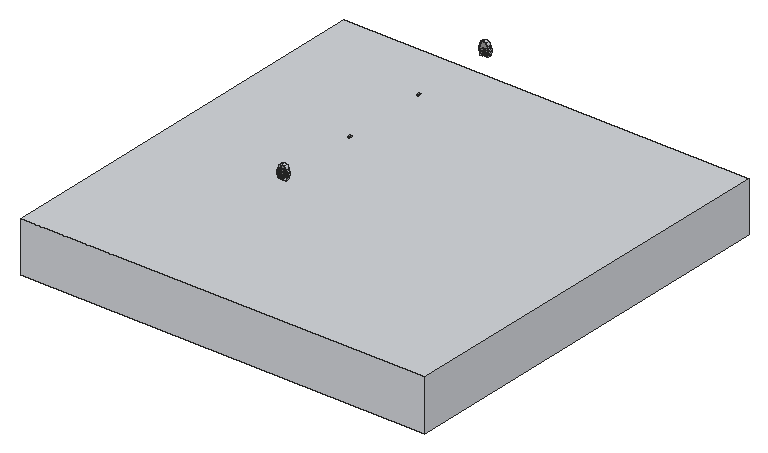
Revit family "Trade II Easy Lock", category Обобщенные модели, Revit 2017
Family settings
  Основа = Грань
  Может служить основой для арматурных стержней = Нет
  Размер круглого соединителя = Использовать диаметр
  Тип детали = Нормальный
  При загрузке вырезать с полостями = Нет
  Общий = Нет
  Точка расчета площади = Нет
Parameters
  Расстояние от светильника до плоскости = Расстояние до плоскости + 72 mm  # 522 mm
  Расстояние до плоскости = 450 mm
  Default Elevation = 1219.2 mm
  Начало профиля = 750 mm
  Начало выделения = Начало профиля  # 750 mm
  Конец профиля = Начало профиля  # 750 mm
  Конец выделения = Конец профиля  # 750 mm
  Длина профиля = Начало профиля * 2  # 1500 mm
Reference planes
  plane 1 "По центру (Вперед/Назад)": y = 0
  plane 2: z = 0
  plane 3 "По центру (Влево/Вправо)": x = 0
  plane 4 "Плоскость низа светильника": z = 450
  plane 5 "Начало выд": y = -750
  plane 6 "Конец выд": y = 750
Forms (mm)
  Extrusion 1, solid
    sketch origin (0, 0, 0) x (1, 0, 0) y (0, 1, 0)
      loop
        line (-1219.2, 1219.2) -> (-1219.2, -1219.2) -> (1219.2, -1219.2) -> (1219.2, 1219.2) -> (-1219.2, 1219.2)
    from 0 to -304.8
  Extrusion 2, solid, material "Поликарбонат, прозрачный"
    sketch origin (0, -398.223, 450) x (0, -1, 0) y (1, 0, 0)
      loop
        line (-148.236, -5.649) -> (-130.236, -5.649) -> (-130.236, 5.625) -> (-148.236, 5.625) -> (-148.236, -5.649)
      loop
        line (-648.236, 5.625) -> (-666.236, 5.625) -> (-666.236, -5.649) -> (-648.236, -5.649) -> (-648.236, 5.625)
    from 0 to -2
  Extrusion 3, solid, material "Каучук, черный"
    sketch origin (0, 750, 0) x (0, 0, -1) y (1, 0, 0)
      loop
        line (-472.479, 21.269) -> (-477.454, 21.269)
        arc (-477.454, 21.269) -> (-478.602, 21.041) -> (-479.576, 20.39) r 3
        line (-479.576, 20.39) -> (-485.35, 14.616)
        arc (-485.35, 14.616) -> (-486.001, 13.642) -> (-486.229, 12.494) r 3
        line (-486.229, 12.494) -> (-486.229, 6.574)
        arc (-486.229, 6.574) -> (-485.204, 4.099) -> (-482.729, 3.074) r 3.5
        line (-482.729, 3.074) -> (-472.479, 3.074) -> (-462.229, 3.074)
        arc (-462.229, 3.074) -> (-459.754, 4.099) -> (-458.729, 6.574) r 3.5
        line (-458.729, 6.574) -> (-458.729, 12.494)
        arc (-458.729, 12.494) -> (-458.957, 13.642) -> (-459.608, 14.616) r 3
        line (-459.608, 14.616) -> (-465.382, 20.39)
        arc (-465.382, 20.39) -> (-466.356, 21.041) -> (-467.504, 21.269) r 3
        line (-467.504, 21.269) -> (-472.479, 21.269)
      loop
        line (-480.435, 13.071) -> (-480.435, 6.514) -> (-477.559, 6.514) -> (-477.559, 13.071) -> (-480.435, 13.071)
      loop
        line (-464.523, 13.071) -> (-467.399, 13.071) -> (-467.399, 6.514) -> (-464.523, 6.514) -> (-464.523, 13.071)
      loop
        line (-471.041, 18.399) -> (-473.917, 18.399) -> (-473.917, 11.843) -> (-471.041, 11.843) -> (-471.041, 18.399)
      loop
        line (-472.479, -21.292) -> (-467.504, -21.292)
        arc (-467.504, -21.292) -> (-466.356, -21.064) -> (-465.382, -20.414) r 3
        line (-465.382, -20.414) -> (-459.608, -14.639)
        arc (-459.608, -14.639) -> (-458.957, -13.666) -> (-458.729, -12.518) r 3
        line (-458.729, -12.518) -> (-458.729, -6.597)
        arc (-458.729, -6.597) -> (-459.754, -4.123) -> (-462.229, -3.097) r 3.5
        line (-462.229, -3.097) -> (-472.479, -3.097) -> (-482.729, -3.097)
        arc (-482.729, -3.097) -> (-485.204, -4.123) -> (-486.229, -6.597) r 3.5
        line (-486.229, -6.597) -> (-486.229, -12.518)
        arc (-486.229, -12.518) -> (-486.001, -13.666) -> (-485.35, -14.639) r 3
        line (-485.35, -14.639) -> (-479.576, -20.414)
        arc (-479.576, -20.414) -> (-478.602, -21.064) -> (-477.454, -21.292) r 3
        line (-477.454, -21.292) -> (-472.479, -21.292)
      loop
        line (-480.435, -13.094) -> (-477.559, -13.094) -> (-477.559, -6.537) -> (-480.435, -6.537) -> (-480.435, -13.094)
      loop
        line (-464.523, -13.094) -> (-464.523, -6.537) -> (-467.399, -6.537) -> (-467.399, -13.094) -> (-464.523, -13.094)
      loop
        line (-471.041, -18.423) -> (-471.041, -11.866) -> (-473.917, -11.866) -> (-473.917, -18.423) -> (-471.041, -18.423)
    from -1 to -15
  Extrusion 4, solid, material "Поликарбонат, прозрачный"
    sketch origin (0, 750, 0) x (0, 0, -1) y (1, 0, 0)
      loop
        arc (-498.752, 21.086) -> (-513.465, 14.795) -> (-519.533, -0.012) r 21.1
        arc (-519.533, -0.012) -> (-513.465, -14.818) -> (-498.752, -21.109) r 21.1
        arc (-498.752, -21.109) -> (-495.801, -23.179) -> (-492.204, -23.41) r 6.666
        arc (-492.204, -23.41) -> (-487.349, -22.848) -> (-483.631, -26.02) r 6.12
        line (-483.631, -26.02) -> (-482.1, -29.159)
        arc (-482.1, -29.159) -> (-481.536, -29.747) -> (-480.75, -29.964) r 1.536
        line (-480.75, -29.964) -> (-472.479, -29.964) -> (-464.208, -29.964)
        arc (-464.208, -29.964) -> (-463.423, -29.748) -> (-462.859, -29.161) r 1.536
        line (-462.859, -29.161) -> (-461.333, -26.017)
        arc (-461.333, -26.017) -> (-457.413, -22.783) -> (-452.402, -23.624) r 6.12
        arc (-452.402, -23.624) -> (-449.184, -24.431) -> (-446.185, -23.012) r 4.919
        arc (-446.185, -23.012) -> (-445.496, -23.055) -> (-444.832, -22.871) r 2.071
        arc (-444.832, -22.871) -> (-444.246, -22.355) -> (-444.028, -21.606) r 1.397
        line (-444.028, -21.606) -> (-444.028, -5.649) -> (-450, -5.649) -> (-450, -0.012) -> (-450, 5.625) -> (-444.028, 5.625) -> (-444.028, 21.583)
        arc (-444.028, 21.583) -> (-444.246, 22.332) -> (-444.832, 22.848) r 1.397
        arc (-444.832, 22.848) -> (-445.496, 23.032) -> (-446.185, 22.988) r 2.071
        arc (-446.185, 22.988) -> (-449.184, 24.408) -> (-452.402, 23.601) r 4.919
        arc (-452.402, 23.601) -> (-457.413, 22.759) -> (-461.333, 25.993) r 6.12
        line (-461.333, 25.993) -> (-462.859, 29.137)
        arc (-462.859, 29.137) -> (-463.423, 29.725) -> (-464.208, 29.94) r 1.536
        line (-464.208, 29.94) -> (-472.479, 29.94) -> (-480.75, 29.94)
        arc (-480.75, 29.94) -> (-481.536, 29.724) -> (-482.1, 29.136) r 1.536
        line (-482.1, 29.136) -> (-483.631, 25.997)
        arc (-483.631, 25.997) -> (-487.349, 22.825) -> (-492.204, 23.386) r 6.12
        arc (-492.204, 23.386) -> (-495.801, 23.156) -> (-498.752, 21.086) r 6.666
    from 0 to -1
  Extrusion 5, solid, material "Поликарбонат, прозрачный"
    sketch origin (0, -750, 0) x (0, 0, -1) y (1, 0, 0)
      loop
        line (-444.028, 5.632) -> (-444.028, 21.59)
        arc (-444.028, 21.59) -> (-444.246, 22.339) -> (-444.832, 22.854) r 1.397
        arc (-444.832, 22.854) -> (-445.496, 23.039) -> (-446.185, 22.995) r 2.071
        arc (-446.185, 22.995) -> (-449.184, 24.415) -> (-452.402, 23.607) r 4.919
        arc (-452.402, 23.607) -> (-457.413, 22.766) -> (-461.333, 26) r 6.12
        line (-461.333, 26) -> (-462.859, 29.144)
        arc (-462.859, 29.144) -> (-463.423, 29.731) -> (-464.208, 29.947) r 1.536
        line (-464.208, 29.947) -> (-472.479, 29.947) -> (-480.75, 29.947)
        arc (-480.75, 29.947) -> (-481.536, 29.731) -> (-482.1, 29.143) r 1.536
        line (-482.1, 29.143) -> (-483.631, 26.003)
        arc (-483.631, 26.003) -> (-487.349, 22.832) -> (-492.204, 23.393) r 6.12
        arc (-492.204, 23.393) -> (-495.801, 23.163) -> (-498.752, 21.093) r 6.666
        arc (-498.752, 21.093) -> (-513.465, 14.802) -> (-519.533, -0.005) r 21.1
        arc (-519.533, -0.005) -> (-513.465, -14.811) -> (-498.752, -21.102) r 21.1
        arc (-498.752, -21.102) -> (-495.801, -23.172) -> (-492.204, -23.403) r 6.666
        arc (-492.204, -23.403) -> (-487.349, -22.841) -> (-483.631, -26.013) r 6.12
        line (-483.631, -26.013) -> (-482.1, -29.153)
        arc (-482.1, -29.153) -> (-481.536, -29.741) -> (-480.75, -29.957) r 1.536
        line (-480.75, -29.957) -> (-472.479, -29.957) -> (-464.208, -29.957)
        arc (-464.208, -29.957) -> (-463.423, -29.741) -> (-462.859, -29.154) r 1.536
        line (-462.859, -29.154) -> (-461.333, -26.01)
        arc (-461.333, -26.01) -> (-457.413, -22.776) -> (-452.402, -23.617) r 6.12
        arc (-452.402, -23.617) -> (-449.184, -24.424) -> (-446.185, -23.005) r 4.919
        arc (-446.185, -23.005) -> (-445.496, -23.049) -> (-444.832, -22.864) r 2.071
        arc (-444.832, -22.864) -> (-444.246, -22.348) -> (-444.028, -21.599) r 1.397
        line (-444.028, -21.599) -> (-444.028, -5.642) -> (-448, -5.642) -> (-450, -5.649) -> (-450, 5.625) -> (-448, 5.625) -> (-444.028, 5.632)
    from 0 to 1
  Extrusion 6, solid, material "Каучук, черный"
    sketch origin (0, -750, 0) x (0, 0, -1) y (1, 0, 0)
      loop
        line (-472.479, -21.292) -> (-467.504, -21.292)
        arc (-467.504, -21.292) -> (-466.356, -21.064) -> (-465.382, -20.414) r 3
        line (-465.382, -20.414) -> (-459.608, -14.639)
        arc (-459.608, -14.639) -> (-458.957, -13.666) -> (-458.729, -12.518) r 3
        line (-458.729, -12.518) -> (-458.729, -6.597)
        arc (-458.729, -6.597) -> (-459.754, -4.123) -> (-462.229, -3.097) r 3.5
        line (-462.229, -3.097) -> (-472.479, -3.097) -> (-482.729, -3.097)
        arc (-482.729, -3.097) -> (-485.204, -4.123) -> (-486.229, -6.597) r 3.5
        line (-486.229, -6.597) -> (-486.229, -12.518)
        arc (-486.229, -12.518) -> (-486.001, -13.666) -> (-485.35, -14.639) r 3
        line (-485.35, -14.639) -> (-479.576, -20.414)
        arc (-479.576, -20.414) -> (-478.602, -21.064) -> (-477.454, -21.292) r 3
        line (-477.454, -21.292) -> (-472.479, -21.292)
      loop
        arc (-484.029, -12.426) -> (-483.951, -12.817) -> (-483.73, -13.148) r 1.021
        line (-483.73, -13.148) -> (-478.126, -18.752)
        arc (-478.126, -18.752) -> (-477.749, -19.004) -> (-477.304, -19.092) r 1.162
        line (-477.304, -19.092) -> (-472.479, -19.092) -> (-467.654, -19.092)
        arc (-467.654, -19.092) -> (-467.209, -19.004) -> (-466.832, -18.752) r 1.162
        line (-466.832, -18.752) -> (-461.228, -13.148)
        arc (-461.228, -13.148) -> (-461.007, -12.817) -> (-460.929, -12.426) r 1.021
        line (-460.929, -12.426) -> (-460.929, -6.597)
        arc (-460.929, -6.597) -> (-461.31, -5.678) -> (-462.229, -5.297) r 1.3
        line (-462.229, -5.297) -> (-472.479, -5.297) -> (-482.729, -5.297)
        arc (-482.729, -5.297) -> (-483.648, -5.678) -> (-484.029, -6.597) r 1.3
        line (-484.029, -6.597) -> (-484.029, -12.426)
      loop
        line (-472.479, 21.269) -> (-477.454, 21.269)
        arc (-477.454, 21.269) -> (-478.602, 21.041) -> (-479.576, 20.39) r 3
        line (-479.576, 20.39) -> (-485.35, 14.616)
        arc (-485.35, 14.616) -> (-486.001, 13.642) -> (-486.229, 12.494) r 3
        line (-486.229, 12.494) -> (-486.229, 6.574)
        arc (-486.229, 6.574) -> (-485.204, 4.099) -> (-482.729, 3.074) r 3.5
        line (-482.729, 3.074) -> (-472.479, 3.074) -> (-462.229, 3.074)
        arc (-462.229, 3.074) -> (-459.754, 4.099) -> (-458.729, 6.574) r 3.5
        line (-458.729, 6.574) -> (-458.729, 12.494)
        arc (-458.729, 12.494) -> (-458.957, 13.642) -> (-459.608, 14.616) r 3
        line (-459.608, 14.616) -> (-465.382, 20.39)
        arc (-465.382, 20.39) -> (-466.356, 21.041) -> (-467.504, 21.269) r 3
        line (-467.504, 21.269) -> (-472.479, 21.269)
      loop
        line (-484.029, 12.403) -> (-484.029, 6.574)
        arc (-484.029, 6.574) -> (-483.648, 5.655) -> (-482.729, 5.274) r 1.3
        line (-482.729, 5.274) -> (-472.479, 5.274) -> (-462.229, 5.274)
        arc (-462.229, 5.274) -> (-461.31, 5.655) -> (-460.929, 6.574) r 1.3
        line (-460.929, 6.574) -> (-460.929, 12.403)
        arc (-460.929, 12.403) -> (-461.007, 12.794) -> (-461.228, 13.125) r 1.021
        line (-461.228, 13.125) -> (-466.832, 18.729)
        arc (-466.832, 18.729) -> (-467.209, 18.981) -> (-467.654, 19.069) r 1.162
        line (-467.654, 19.069) -> (-472.479, 19.069) -> (-477.304, 19.069)
        arc (-477.304, 19.069) -> (-477.749, 18.981) -> (-478.126, 18.729) r 1.162
        line (-478.126, 18.729) -> (-483.73, 13.125)
        arc (-483.73, 13.125) -> (-483.951, 12.794) -> (-484.029, 12.403) r 1.021
    from 1 to 15
  Extrusion 7, solid, material "Алюминий"
    sketch origin (0, -750, 0) x (0, 0, -1) y (1, 0, 0)
      loop
        line (-471.841, -17.623) -> (-471.841, -12.666) -> (-473.117, -12.666) -> (-473.117, -17.623) -> (-471.841, -17.623)
      loop
        line (-466.599, -12.294) -> (-465.323, -12.294) -> (-465.323, -7.337) -> (-466.599, -7.337) -> (-466.599, -12.294)
      loop
        line (-478.359, -7.337) -> (-479.635, -7.337) -> (-479.635, -12.294) -> (-478.359, -12.294) -> (-478.359, -7.337)
      loop
        line (-471.841, 17.599) -> (-473.117, 17.599) -> (-473.117, 12.643) -> (-471.841, 12.643) -> (-471.841, 17.599)
      loop
        line (-466.599, 12.271) -> (-466.599, 7.314) -> (-465.323, 7.314) -> (-465.323, 12.271) -> (-466.599, 12.271)
      loop
        line (-478.359, 7.314) -> (-478.359, 12.271) -> (-479.635, 12.271) -> (-479.635, 7.314) -> (-478.359, 7.314)
    from 1 to 15
  Extrusion 8, solid
    sketch origin (0, -750, 0) x (0, 0, -1) y (1, 0, 0)
      loop
        arc (-519.533, -0.005) -> (-513.465, -14.811) -> (-498.752, -21.102) r 21.1
        arc (-498.752, -21.102) -> (-495.801, -23.172) -> (-492.204, -23.403) r 6.666
        arc (-492.204, -23.403) -> (-487.349, -22.841) -> (-483.631, -26.013) r 6.12
        line (-483.631, -26.013) -> (-482.1, -29.153)
        arc (-482.1, -29.153) -> (-481.536, -29.741) -> (-480.75, -29.957) r 1.536
        line (-480.75, -29.957) -> (-472.479, -29.957) -> (-464.208, -29.957)
        arc (-464.208, -29.957) -> (-463.423, -29.741) -> (-462.859, -29.154) r 1.536
        line (-462.859, -29.154) -> (-461.333, -26.01)
        arc (-461.333, -26.01) -> (-457.413, -22.776) -> (-452.402, -23.617) r 6.12
        arc (-452.402, -23.617) -> (-449.184, -24.424) -> (-446.185, -23.005) r 4.919
        arc (-446.185, -23.005) -> (-445.496, -23.049) -> (-444.832, -22.864) r 2.071
        arc (-444.832, -22.864) -> (-444.246, -22.348) -> (-444.028, -21.599) r 1.397
        line (-444.028, -21.599) -> (-444.028, -5.642) -> (-448, -5.642) -> (-450, -5.649) -> (-450, -0.012) -> (-450, 5.639) -> (-448, 5.639) -> (-444.028, 5.632) -> (-444.028, 21.59)
        arc (-444.028, 21.59) -> (-444.246, 22.339) -> (-444.832, 22.854) r 1.397
        arc (-444.832, 22.854) -> (-445.496, 23.039) -> (-446.185, 22.995) r 2.071
        arc (-446.185, 22.995) -> (-449.184, 24.415) -> (-452.402, 23.607) r 4.919
        arc (-452.402, 23.607) -> (-457.413, 22.766) -> (-461.333, 26) r 6.12
        line (-461.333, 26) -> (-462.859, 29.144)
        arc (-462.859, 29.144) -> (-463.423, 29.731) -> (-464.208, 29.947) r 1.536
        line (-464.208, 29.947) -> (-472.479, 29.947) -> (-480.75, 29.947)
        arc (-480.75, 29.947) -> (-481.536, 29.731) -> (-482.1, 29.143) r 1.536
        line (-482.1, 29.143) -> (-483.631, 26.003)
        arc (-483.631, 26.003) -> (-487.349, 22.832) -> (-492.204, 23.393) r 6.12
        arc (-492.204, 23.393) -> (-495.801, 23.163) -> (-498.752, 21.093) r 6.666
        arc (-498.752, 21.093) -> (-513.465, 14.802) -> (-519.533, -0.005) r 21.1
      loop
        arc (-521.533, -0.005) -> (-515.194, -15.9) -> (-499.657, -23.072) r 23.1
        arc (-499.657, -23.072) -> (-495.831, -25.254) -> (-491.427, -25.274) r 8.666
        arc (-491.427, -25.274) -> (-488.06, -24.718) -> (-485.429, -26.89) r 4.12
        line (-485.429, -26.89) -> (-483.883, -30.06)
        arc (-483.883, -30.06) -> (-482.581, -31.446) -> (-480.75, -31.957) r 3.536
        line (-480.75, -31.957) -> (-472.479, -31.957) -> (-464.208, -31.957)
        arc (-464.208, -31.957) -> (-462.377, -31.446) -> (-461.075, -30.06) r 3.536
        line (-461.075, -30.06) -> (-459.534, -26.884)
        arc (-459.534, -26.884) -> (-456.893, -24.707) -> (-453.519, -25.276) r 4.12
        arc (-453.519, -25.276) -> (-449.474, -26.446) -> (-445.501, -25.054) r 6.919
        arc (-445.501, -25.054) -> (-444.724, -24.938) -> (-443.983, -24.675) r 4.071
        arc (-443.983, -24.675) -> (-442.558, -23.421) -> (-442.028, -21.599) r 3.397
        line (-442.028, -21.599) -> (-442.028, -3.642) -> (-448, -3.642) -> (-448, -0.012) -> (-448, 3.632) -> (-442.028, 3.632) -> (-442.028, 21.59)
        arc (-442.028, 21.59) -> (-442.558, 23.412) -> (-443.983, 24.665) r 3.397
        arc (-443.983, 24.665) -> (-444.724, 24.929) -> (-445.501, 25.045) r 4.071
        arc (-445.501, 25.045) -> (-449.474, 26.436) -> (-453.519, 25.267) r 6.919
        arc (-453.519, 25.267) -> (-456.893, 24.698) -> (-459.534, 26.875) r 4.12
        line (-459.534, 26.875) -> (-461.075, 30.05)
        arc (-461.075, 30.05) -> (-462.377, 31.436) -> (-464.208, 31.947) r 3.536
        line (-464.208, 31.947) -> (-472.479, 31.947) -> (-480.75, 31.947)
        arc (-480.75, 31.947) -> (-482.581, 31.436) -> (-483.883, 30.05) r 3.536
        line (-483.883, 30.05) -> (-485.429, 26.88)
        arc (-485.429, 26.88) -> (-488.06, 24.708) -> (-491.427, 25.265) r 4.12
        arc (-491.427, 25.265) -> (-495.831, 25.245) -> (-499.657, 23.063) r 8.666
        arc (-499.657, 23.063) -> (-515.194, 15.891) -> (-521.533, -0.005) r 23.1
    from 0 to 18
  Extrusion 9, solid
    sketch origin (0, 750, 0) x (0, 0, -1) y (1, 0, 0)
      loop
        arc (-519.526, -0.004) -> (-513.459, -14.811) -> (-498.746, -21.101) r 21.1
        arc (-498.746, -21.101) -> (-495.795, -23.171) -> (-492.197, -23.402) r 6.666
        arc (-492.197, -23.402) -> (-487.343, -22.84) -> (-483.625, -26.012) r 6.12
        line (-483.625, -26.012) -> (-482.093, -29.152)
        arc (-482.093, -29.152) -> (-481.529, -29.74) -> (-480.743, -29.956) r 1.536
        line (-480.743, -29.956) -> (-472.472, -29.956) -> (-464.202, -29.956)
        arc (-464.202, -29.956) -> (-463.416, -29.74) -> (-462.852, -29.153) r 1.536
        line (-462.852, -29.153) -> (-461.326, -26.009)
        arc (-461.326, -26.009) -> (-457.406, -22.775) -> (-452.395, -23.616) r 6.12
        arc (-452.395, -23.616) -> (-449.177, -24.424) -> (-446.178, -23.004) r 4.919
        arc (-446.178, -23.004) -> (-445.49, -23.048) -> (-444.825, -22.863) r 2.071
        arc (-444.825, -22.863) -> (-444.239, -22.348) -> (-444.021, -21.598) r 1.397
        line (-444.021, -21.598) -> (-444.021, -5.641) -> (-447.993, -5.641) -> (-449.993, -5.648) -> (-449.993, -0.011) -> (-449.993, 5.64) -> (-447.993, 5.64) -> (-444.021, 5.633) -> (-444.021, 21.59)
        arc (-444.021, 21.59) -> (-444.239, 22.34) -> (-444.825, 22.855) r 1.397
        arc (-444.825, 22.855) -> (-445.49, 23.04) -> (-446.178, 22.996) r 2.071
        arc (-446.178, 22.996) -> (-449.177, 24.416) -> (-452.395, 23.608) r 4.919
        arc (-452.395, 23.608) -> (-457.406, 22.767) -> (-461.326, 26.001) r 6.12
        line (-461.326, 26.001) -> (-462.852, 29.145)
        arc (-462.852, 29.145) -> (-463.416, 29.732) -> (-464.202, 29.948) r 1.536
        line (-464.202, 29.948) -> (-472.472, 29.948) -> (-480.743, 29.948)
        arc (-480.743, 29.948) -> (-481.529, 29.732) -> (-482.093, 29.144) r 1.536
        line (-482.093, 29.144) -> (-483.625, 26.004)
        arc (-483.625, 26.004) -> (-487.343, 22.833) -> (-492.197, 23.394) r 6.12
        arc (-492.197, 23.394) -> (-495.795, 23.163) -> (-498.746, 21.094) r 6.666
        arc (-498.746, 21.094) -> (-513.459, 14.803) -> (-519.526, -0.004) r 21.1
      loop
        arc (-521.526, -0.004) -> (-515.188, -15.899) -> (-499.65, -23.071) r 23.1
        arc (-499.65, -23.071) -> (-495.824, -25.254) -> (-491.42, -25.273) r 8.666
        arc (-491.42, -25.273) -> (-488.054, -24.717) -> (-485.422, -26.889) r 4.12
        line (-485.422, -26.889) -> (-483.876, -30.059)
        arc (-483.876, -30.059) -> (-482.575, -31.445) -> (-480.743, -31.956) r 3.536
        line (-480.743, -31.956) -> (-472.472, -31.956) -> (-464.202, -31.956)
        arc (-464.202, -31.956) -> (-462.37, -31.445) -> (-461.068, -30.059) r 3.536
        line (-461.068, -30.059) -> (-459.527, -26.883)
        arc (-459.527, -26.883) -> (-456.887, -24.706) -> (-453.512, -25.275) r 4.12
        arc (-453.512, -25.275) -> (-449.468, -26.445) -> (-445.494, -25.053) r 6.919
        arc (-445.494, -25.053) -> (-444.717, -24.937) -> (-443.976, -24.674) r 4.071
        arc (-443.976, -24.674) -> (-442.551, -23.421) -> (-442.021, -21.598) r 3.397
        line (-442.021, -21.598) -> (-442.021, -3.641) -> (-447.993, -3.641) -> (-447.993, -0.011) -> (-447.993, 3.633) -> (-442.021, 3.633) -> (-442.021, 21.59)
        arc (-442.021, 21.59) -> (-442.551, 23.413) -> (-443.976, 24.666) r 3.397
        arc (-443.976, 24.666) -> (-444.717, 24.93) -> (-445.494, 25.046) r 4.071
        arc (-445.494, 25.046) -> (-449.468, 26.437) -> (-453.512, 25.267) r 6.919
        arc (-453.512, 25.267) -> (-456.887, 24.698) -> (-459.527, 26.875) r 4.12
        line (-459.527, 26.875) -> (-461.068, 30.051)
        arc (-461.068, 30.051) -> (-462.37, 31.437) -> (-464.202, 31.948) r 3.536
        line (-464.202, 31.948) -> (-472.472, 31.948) -> (-480.743, 31.948)
        arc (-480.743, 31.948) -> (-482.575, 31.437) -> (-483.876, 30.051) r 3.536
        line (-483.876, 30.051) -> (-485.422, 26.881)
        arc (-485.422, 26.881) -> (-488.054, 24.709) -> (-491.42, 25.265) r 4.12
        arc (-491.42, 25.265) -> (-495.824, 25.246) -> (-499.65, 23.064) r 8.666
        arc (-499.65, 23.064) -> (-515.188, 15.892) -> (-521.526, -0.004) r 23.1
    from 0 to -18
Dimensions and locks
  "Расстояние до плоскости": plane 4 "Плоскость низа светильника" to Extrusion 1
  "Начало выделения": plane 5 "Начало выд" to plane 1 "По центру (Вперед/Назад)"
  "Конец выделения": plane 1 "По центру (Вперед/Назад)" to plane 6 "Конец выд"
  aligned and locked: plane 2 to Extrusion 1
  aligned and locked: level to Extrusion 1
Automatic sketch dimensions
  Extrusion 1 sketch curve to Extrusion 1 sketch curve = 2438.4 mm  (x2)
  plane 3 "По центру (Влево/Вправо)" to Extrusion 2 sketch curve = 5.625 mm  (x2)
  Extrusion 2 sketch curve to plane 1 "По центру (Вперед/Назад)" = 268.013 mm
  Extrusion 2 sketch curve to plane 3 "По центру (Влево/Вправо)" = 5.649 mm  (x2)
  Extrusion 2 sketch curve to Extrusion 2 sketch curve = 18 mm  (x2)
  plane 1 "По центру (Вперед/Назад)" to Extrusion 2 sketch curve = 249.987 mm
  Extrusion 4 sketch curve to Extrusion 4 sketch curve = 0 mm  (x2)
  Extrusion 4 sketch curve to plane 4 "Плоскость низа светильника" = 0 mm
  plane 4 "Плоскость низа светильника" to Extrusion 4 sketch curve = 5.829 mm  (x2)
  Extrusion 4 sketch curve to Extrusion 4 sketch curve = 5.503 mm  (x2)
  Extrusion 4 sketch curve to Extrusion 4 sketch curve = 1.526 mm  (x2)
  Extrusion 4 sketch curve to Extrusion 4 sketch curve = 1.35 mm  (x4)
  Extrusion 4 sketch curve to Extrusion 4 sketch curve = 8.271 mm  (x4)
  Extrusion 4 sketch curve to Extrusion 4 sketch curve = 1.531 mm  (x2)
  Extrusion 4 sketch curve to Extrusion 4 sketch curve = 5.501 mm  (x2)
  Extrusion 4 sketch curve to Extrusion 4 sketch curve = 4.46 mm  (x2)
  Extrusion 4 sketch curve to plane 3 "По центру (Влево/Вправо)" = 0.012 mm  (x2)
  Extrusion 4 sketch curve to Extrusion 4 sketch curve = 4.841 mm
  Extrusion 4 sketch curve to plane 4 "Плоскость низа светильника" = 0.334 mm  (x2)
  Extrusion 4 sketch curve to Extrusion 4 sketch curve = 3.955 mm  (x2)
  Extrusion 4 sketch curve to Extrusion 4 sketch curve = 0.286 mm  (x2)
  Extrusion 4 sketch curve to Extrusion 4 sketch curve = 1.397 mm
  Extrusion 4 sketch curve to plane 4 "Плоскость низа светильника" = 5.972 mm
  Extrusion 4 sketch curve to plane 3 "По центру (Влево/Вправо)" = 5.649 mm
  Extrusion 4 sketch curve to plane 3 "По центру (Влево/Вправо)" = 16.89 mm
  Extrusion 4 sketch curve to Extrusion 4 sketch curve = 13.888 mm  (x2)
  Extrusion 4 sketch curve to Extrusion 4 sketch curve = 1.459 mm  (x2)
  Extrusion 4 sketch curve to Extrusion 4 sketch curve = 0.611 mm  (x2)
  Extrusion 4 sketch curve to Extrusion 4 sketch curve = 6.48 mm  (x2)
  Extrusion 4 sketch curve to Extrusion 4 sketch curve = 9.13 mm  (x2)
  Extrusion 4 sketch curve to Extrusion 4 sketch curve = 2.408 mm  (x2)
  Extrusion 4 sketch curve to Extrusion 4 sketch curve = 2.412 mm  (x2)
  Extrusion 4 sketch curve to Extrusion 4 sketch curve = 2.678 mm  (x2)
  Extrusion 4 sketch curve to Extrusion 4 sketch curve = 2.683 mm  (x2)
  Extrusion 4 sketch curve to Extrusion 4 sketch curve = 0.731 mm  (x2)
  plane 3 "По центру (Влево/Вправо)" to Extrusion 4 sketch curve = 5.625 mm
  plane 3 "По центру (Влево/Вправо)" to Extrusion 4 sketch curve = 16.867 mm
  plane 4 "Плоскость низа светильника" to Extrusion 4 sketch curve = 2.402 mm  (x2)
  Extrusion 4 sketch curve to Extrusion 4 sketch curve = 3.072 mm  (x2)
  Extrusion 4 sketch curve to Extrusion 4 sketch curve = 5.16 mm
  Extrusion 4 sketch curve to Extrusion 4 sketch curve = 1.353 mm  (x2)
  plane 4 "Плоскость низа светильника" to Extrusion 3 sketch curve = 36.229 mm
  Extrusion 3 sketch curve to Extrusion 3 sketch curve = 0 mm  (x2)
  plane 3 "По центру (Влево/Вправо)" to Extrusion 3 sketch curve = 14.616 mm
  Extrusion 3 sketch curve to Extrusion 3 sketch curve = 0.879 mm  (x2)
  Extrusion 3 sketch curve to plane 3 "По центру (Влево/Вправо)" = 14.639 mm
  Extrusion 3 sketch curve to Extrusion 3 sketch curve = 3 mm
  Extrusion 3 sketch curve to Extrusion 3 sketch curve = 2.121 mm  (x9)
  Extrusion 3 sketch curve to Extrusion 3 sketch curve = 3.5 mm  (x4)
  Extrusion 3 sketch curve to Extrusion 3 sketch curve = 2.295 mm  (x4)
  Extrusion 3 sketch curve to Extrusion 3 sketch curve = 0.859 mm  (x2)
  Extrusion 3 sketch curve to Extrusion 3 sketch curve = 2.876 mm  (x6)
  Extrusion 3 sketch curve to Extrusion 3 sketch curve = 3.642 mm  (x2)
  Extrusion 3 sketch curve to Extrusion 3 sketch curve = 3.538 mm  (x3)
  Extrusion 3 sketch curve to Extrusion 3 sketch curve = 1.438 mm  (x2)
  plane 3 "По центру (Влево/Вправо)" to Extrusion 3 sketch curve = 3.074 mm
  Extrusion 3 sketch curve to Extrusion 3 sketch curve = 5.08 mm  (x3)
  Extrusion 3 sketch curve to plane 3 "По центру (Влево/Вправо)" = 3.097 mm
  Extrusion 3 sketch curve to Extrusion 3 sketch curve = 2.795 mm  (x2)
  Extrusion 3 sketch curve to Extrusion 3 sketch curve = 5.775 mm
  Extrusion 3 sketch curve to Extrusion 3 sketch curve = 0.13 mm  (x2)
  Extrusion 3 sketch curve to Extrusion 3 sketch curve = 8.042 mm
  Extrusion 3 sketch curve to Extrusion 3 sketch curve = 5.199 mm  (x4)
  Extrusion 3 sketch curve to Extrusion 3 sketch curve = 1.228 mm  (x2)
  Extrusion 3 sketch curve to Extrusion 3 sketch curve = 0.06 mm  (x4)
  Extrusion 3 sketch curve to Extrusion 3 sketch curve = 5.329 mm
  Extrusion 3 sketch curve to Extrusion 3 sketch curve = 5.92 mm
  Extrusion 3 sketch curve to Extrusion 3 sketch curve = 0.576 mm
  Extrusion 5 sketch curve to Extrusion 5 sketch curve = 0 mm  (x4)
  Extrusion 5 sketch curve to plane 4 "Плоскость низа светильника" = 0 mm
  plane 4 "Плоскость низа светильника" to Extrusion 5 sketch curve = 5.829 mm  (x2)
  Extrusion 5 sketch curve to Extrusion 5 sketch curve = 5.503 mm  (x2)
  Extrusion 5 sketch curve to Extrusion 5 sketch curve = 1.526 mm  (x2)
  Extrusion 5 sketch curve to Extrusion 5 sketch curve = 1.35 mm  (x4)
  Extrusion 5 sketch curve to Extrusion 5 sketch curve = 8.271 mm  (x4)
  Extrusion 5 sketch curve to Extrusion 5 sketch curve = 1.531 mm  (x2)
  Extrusion 5 sketch curve to Extrusion 5 sketch curve = 5.501 mm  (x2)
  Extrusion 5 sketch curve to Extrusion 5 sketch curve = 4.46 mm  (x2)
  Extrusion 5 sketch curve to plane 3 "По центру (Влево/Вправо)" = 0.005 mm
  Extrusion 5 sketch curve to Extrusion 5 sketch curve = 4.841 mm
  Extrusion 5 sketch curve to plane 4 "Плоскость низа светильника" = 0.334 mm  (x2)
  Extrusion 5 sketch curve to Extrusion 5 sketch curve = 3.955 mm  (x2)
  Extrusion 5 sketch curve to Extrusion 5 sketch curve = 0.286 mm  (x2)
  Extrusion 5 sketch curve to plane 4 "Плоскость низа светильника" = 5.972 mm  (x2)
  Extrusion 5 sketch curve to plane 3 "По центру (Влево/Вправо)" = 5.642 mm
  Extrusion 5 sketch curve to Extrusion 5 sketch curve = 0.007 mm  (x2)
  Extrusion 5 sketch curve to plane 3 "По центру (Влево/Вправо)" = 16.883 mm
  Extrusion 5 sketch curve to Extrusion 5 sketch curve = 13.881 mm
  Extrusion 5 sketch curve to Extrusion 5 sketch curve = 1.459 mm  (x2)
  Extrusion 5 sketch curve to Extrusion 5 sketch curve = 0.611 mm  (x2)
  Extrusion 5 sketch curve to Extrusion 5 sketch curve = 6.48 mm  (x2)
  Extrusion 5 sketch curve to Extrusion 5 sketch curve = 9.13 mm  (x2)
  Extrusion 5 sketch curve to Extrusion 5 sketch curve = 2.408 mm  (x2)
  Extrusion 5 sketch curve to Extrusion 5 sketch curve = 2.412 mm  (x2)
  Extrusion 5 sketch curve to Extrusion 5 sketch curve = 2.678 mm  (x2)
  Extrusion 5 sketch curve to Extrusion 5 sketch curve = 2.683 mm  (x2)
  Extrusion 5 sketch curve to Extrusion 5 sketch curve = 0.731 mm  (x2)
  plane 3 "По центру (Влево/Вправо)" to Extrusion 5 sketch curve = 5.625 mm
  plane 3 "По центру (Влево/Вправо)" to Extrusion 5 sketch curve = 16.874 mm
  Extrusion 5 sketch curve to Extrusion 5 sketch curve = 13.895 mm
  plane 4 "Плоскость низа светильника" to Extrusion 5 sketch curve = 2.402 mm  (x2)
  Extrusion 5 sketch curve to Extrusion 5 sketch curve = 3.072 mm  (x2)
  Extrusion 5 sketch curve to Extrusion 5 sketch curve = 5.16 mm
  Extrusion 5 sketch curve to plane 4 "Плоскость низа светильника" = 2 mm  (x2)
  Extrusion 5 sketch curve to Extrusion 5 sketch curve = 1.353 mm  (x2)
  Extrusion 7 sketch curve to plane 3 "По центру (Влево/Вправо)" = 12.294 mm
  plane 4 "Плоскость низа светильника" to Extrusion 7 sketch curve = 29.635 mm
  plane 3 "По центру (Влево/Вправо)" to Extrusion 7 sketch curve = 7.314 mm  (x2)
  Extrusion 7 sketch curve to Extrusion 7 sketch curve = 0 mm
  Extrusion 7 sketch curve to Extrusion 7 sketch curve = 1.276 mm  (x6)
  Extrusion 7 sketch curve to Extrusion 7 sketch curve = 5.242 mm  (x4)
  Extrusion 7 sketch curve to Extrusion 7 sketch curve = 0.372 mm  (x3)
  Extrusion 7 sketch curve to Extrusion 7 sketch curve = 4.957 mm  (x6)
  Extrusion 6 sketch curve to Extrusion 6 sketch curve = 0 mm  (x16)
  plane 3 "По центру (Влево/Вправо)" to Extrusion 6 sketch curve = 6.574 mm
  plane 4 "Плоскость низа светильника" to Extrusion 6 sketch curve = 36.229 mm
  Extrusion 6 sketch curve to plane 3 "По центру (Влево/Вправо)" = 14.639 mm
  Extrusion 6 sketch curve to Extrusion 6 sketch curve = 0.879 mm  (x2)
  plane 3 "По центру (Влево/Вправо)" to Extrusion 6 sketch curve = 14.616 mm
  Extrusion 6 sketch curve to Extrusion 6 sketch curve = 2.2 mm  (x2)
  plane 3 "По центру (Влево/Вправо)" to Extrusion 6 sketch curve = 13.125 mm
  Extrusion 6 sketch curve to Extrusion 6 sketch curve = 0.299 mm  (x3)
  Extrusion 6 sketch curve to plane 3 "По центру (Влево/Вправо)" = 13.148 mm
  Extrusion 6 sketch curve to Extrusion 6 sketch curve = 0.8 mm  (x2)
  Extrusion 6 sketch curve to Extrusion 6 sketch curve = 0.221 mm  (x4)
  Extrusion 6 sketch curve to Extrusion 6 sketch curve = 1.3 mm  (x3)
  Extrusion 6 sketch curve to Extrusion 6 sketch curve = 5.775 mm  (x2)
  Extrusion 6 sketch curve to Extrusion 6 sketch curve = 1.45 mm  (x4)
  Extrusion 6 sketch curve to Extrusion 6 sketch curve = 2.121 mm
  Extrusion 6 sketch curve to Extrusion 6 sketch curve = 0.672 mm  (x3)
  Extrusion 6 sketch curve to Extrusion 6 sketch curve = 0.15 mm  (x4)
  Extrusion 6 sketch curve to plane 3 "По центру (Влево/Вправо)" = 5.297 mm
  Extrusion 6 sketch curve to Extrusion 6 sketch curve = 10.25 mm  (x2)
  Extrusion 6 sketch curve to Extrusion 6 sketch curve = 4.825 mm  (x3)
  Extrusion 6 sketch curve to Extrusion 6 sketch curve = 4.975 mm
  Extrusion 6 sketch curve to Extrusion 6 sketch curve = 0.279 mm  (x2)
  Extrusion 6 sketch curve to Extrusion 6 sketch curve = 0.501 mm  (x2)
  Extrusion 6 sketch curve to Extrusion 6 sketch curve = 1.62 mm  (x2)
  Extrusion 6 sketch curve to Extrusion 6 sketch curve = 5.504 mm  (x3)
  Extrusion 6 sketch curve to Extrusion 6 sketch curve = 0.362 mm  (x4)
  Extrusion 6 sketch curve to Extrusion 6 sketch curve = 0.46 mm  (x2)
  Extrusion 6 sketch curve to Extrusion 6 sketch curve = 1.662 mm  (x2)
  Extrusion 6 sketch curve to Extrusion 6 sketch curve = 8.042 mm
  Extrusion 6 sketch curve to Extrusion 6 sketch curve = 0.63 mm
  Extrusion 6 sketch curve to Extrusion 6 sketch curve = 5.829 mm
  Extrusion 6 sketch curve to Extrusion 6 sketch curve = 0.091 mm
  Extrusion 8 sketch curve to Extrusion 8 sketch curve = 0 mm  (x48)
  Extrusion 8 sketch curve to plane 4 "Плоскость низа светильника" = 0 mm
  plane 4 "Плоскость низа светильника" to Extrusion 8 sketch curve = 5.829 mm  (x2)
  Extrusion 8 sketch curve to Extrusion 8 sketch curve = 3.705 mm  (x2)
  Extrusion 8 sketch curve to Extrusion 8 sketch curve = 1.541 mm  (x2)
  Extrusion 8 sketch curve to Extrusion 8 sketch curve = 1.799 mm  (x2)
  Extrusion 8 sketch curve to Extrusion 8 sketch curve = 1.783 mm  (x4)
  Extrusion 8 sketch curve to Extrusion 8 sketch curve = 1.35 mm  (x4)
  Extrusion 8 sketch curve to Extrusion 8 sketch curve = 8.271 mm  (x4)
  Extrusion 8 sketch curve to Extrusion 8 sketch curve = 1.531 mm  (x2)
  Extrusion 8 sketch curve to Extrusion 8 sketch curve = 1.798 mm  (x2)
  Extrusion 8 sketch curve to Extrusion 8 sketch curve = 3.703 mm  (x2)
  Extrusion 8 sketch curve to Extrusion 8 sketch curve = 4.46 mm  (x2)
  Extrusion 8 sketch curve to plane 3 "По центру (Влево/Вправо)" = 0.005 mm
  Extrusion 8 sketch curve to Extrusion 8 sketch curve = 4.841 mm
  Extrusion 8 sketch curve to plane 4 "Плоскость низа светильника" = 0.334 mm  (x2)
  Extrusion 8 sketch curve to plane 4 "Плоскость низа светильника" = 2 mm  (x2)
  Extrusion 8 sketch curve to Extrusion 8 sketch curve = 3.955 mm  (x2)
  Extrusion 8 sketch curve to Extrusion 8 sketch curve = 0.286 mm  (x2)
  Extrusion 8 sketch curve to Extrusion 8 sketch curve = 3.972 mm
  Extrusion 8 sketch curve to Extrusion 8 sketch curve = 1.397 mm
  Extrusion 8 sketch curve to Extrusion 8 sketch curve = 2 mm  (x5)
  Extrusion 8 sketch curve to plane 3 "По центру (Влево/Вправо)" = 0.012 mm  (x2)
  Extrusion 8 sketch curve to Extrusion 8 sketch curve = 3.63 mm
  Extrusion 8 sketch curve to Extrusion 8 sketch curve = 0.007 mm  (x2)
  Extrusion 8 sketch curve to plane 3 "По центру (Влево/Вправо)" = 16.883 mm
  Extrusion 8 sketch curve to Extrusion 8 sketch curve = 13.881 mm  (x2)
  Extrusion 8 sketch curve to Extrusion 8 sketch curve = 1.459 mm  (x2)
  Extrusion 8 sketch curve to Extrusion 8 sketch curve = 0.611 mm  (x2)
  Extrusion 8 sketch curve to Extrusion 8 sketch curve = 6.48 mm  (x2)
  Extrusion 8 sketch curve to Extrusion 8 sketch curve = 9.13 mm  (x2)
  Extrusion 8 sketch curve to Extrusion 8 sketch curve = 0.874 mm  (x2)
  Extrusion 8 sketch curve to Extrusion 8 sketch curve = 0.877 mm  (x2)
  Extrusion 8 sketch curve to Extrusion 8 sketch curve = 2.412 mm  (x2)
  Extrusion 8 sketch curve to Extrusion 8 sketch curve = 2.408 mm  (x2)
  Extrusion 8 sketch curve to Extrusion 8 sketch curve = 1.804 mm  (x2)
  Extrusion 8 sketch curve to Extrusion 8 sketch curve = 1.806 mm  (x2)
  Extrusion 8 sketch curve to Extrusion 8 sketch curve = 0.731 mm  (x2)
  Extrusion 8 sketch curve to Extrusion 8 sketch curve = 0.907 mm
  plane 3 "По центру (Влево/Вправо)" to Extrusion 8 sketch curve = 3.632 mm
  plane 3 "По центру (Влево/Вправо)" to Extrusion 8 sketch curve = 16.874 mm
  Extrusion 8 sketch curve to Extrusion 8 sketch curve = 0.906 mm
  plane 4 "Плоскость низа светильника" to Extrusion 8 sketch curve = 2.402 mm  (x2)
  Extrusion 8 sketch curve to Extrusion 8 sketch curve = 1.117 mm  (x2)
  Extrusion 8 sketch curve to Extrusion 8 sketch curve = 2.295 mm  (x2)
  Extrusion 8 sketch curve to Extrusion 8 sketch curve = 0.778 mm  (x2)
  Extrusion 8 sketch curve to Extrusion 8 sketch curve = 5.16 mm
  Extrusion 8 sketch curve to Extrusion 8 sketch curve = 0.905 mm
  Extrusion 8 sketch curve to Extrusion 8 sketch curve = 1.353 mm  (x2)
  Extrusion 8 sketch curve to Extrusion 8 sketch curve = 1.518 mm  (x2)
  Extrusion 9 sketch curve to Extrusion 9 sketch curve = 0 mm  (x49)
  Extrusion 9 sketch curve to plane 3 "По центру (Влево/Вправо)" = 0.004 mm
  plane 4 "Плоскость низа светильника" to Extrusion 9 sketch curve = 48.426 mm
  Extrusion 9 sketch curve to Extrusion 9 sketch curve = 4.841 mm  (x2)
  Extrusion 9 sketch curve to Extrusion 9 sketch curve = 4.46 mm  (x2)
  Extrusion 9 sketch curve to Extrusion 9 sketch curve = 3.703 mm  (x2)
  Extrusion 9 sketch curve to plane 3 "По центру (Влево/Вправо)" = 26.889 mm
  Extrusion 9 sketch curve to Extrusion 9 sketch curve = 1.546 mm  (x2)
  Extrusion 9 sketch curve to Extrusion 9 sketch curve = 1.798 mm  (x2)
  Extrusion 9 sketch curve to Extrusion 9 sketch curve = 1.783 mm  (x4)
  Extrusion 9 sketch curve to Extrusion 9 sketch curve = 1.35 mm  (x4)
  Extrusion 9 sketch curve to Extrusion 9 sketch curve = 8.271 mm  (x4)
  Extrusion 9 sketch curve to Extrusion 9 sketch curve = 1.526 mm  (x2)
  Extrusion 9 sketch curve to Extrusion 9 sketch curve = 1.799 mm  (x2)
  Extrusion 9 sketch curve to Extrusion 9 sketch curve = 3.705 mm  (x2)
  Extrusion 9 sketch curve to plane 4 "Плоскость низа светильника" = 0.007 mm
  Extrusion 9 sketch curve to plane 4 "Плоскость низа светильника" = 0.341 mm  (x2)
  Extrusion 9 sketch curve to plane 4 "Плоскость низа светильника" = 2.007 mm
  Extrusion 9 sketch curve to Extrusion 9 sketch curve = 3.955 mm  (x2)
  Extrusion 9 sketch curve to Extrusion 9 sketch curve = 0.286 mm  (x2)
  Extrusion 9 sketch curve to Extrusion 9 sketch curve = 3.972 mm
  Extrusion 9 sketch curve to Extrusion 9 sketch curve = 1.397 mm
  Extrusion 9 sketch curve to Extrusion 9 sketch curve = 2 mm  (x6)
  Extrusion 9 sketch curve to Extrusion 9 sketch curve = 1.532 mm  (x2)
  Extrusion 9 sketch curve to Extrusion 9 sketch curve = 0.266 mm
  Extrusion 9 sketch curve to Extrusion 9 sketch curve = 1.806 mm  (x2)
  Extrusion 9 sketch curve to Extrusion 9 sketch curve = 0.731 mm  (x2)
  Extrusion 9 sketch curve to Extrusion 9 sketch curve = 0.907 mm
  Extrusion 9 sketch curve to Extrusion 9 sketch curve = 3.176 mm
  Extrusion 9 sketch curve to Extrusion 9 sketch curve = 0.877 mm  (x2)
  Extrusion 9 sketch curve to Extrusion 9 sketch curve = 0.874 mm  (x2)
  Extrusion 9 sketch curve to Extrusion 9 sketch curve = 7.088 mm
  Extrusion 9 sketch curve to Extrusion 9 sketch curve = 0.611 mm  (x2)
  Extrusion 9 sketch curve to Extrusion 9 sketch curve = 1.459 mm  (x2)
  Extrusion 9 sketch curve to Extrusion 9 sketch curve = 11.813 mm
  Extrusion 9 sketch curve to plane 3 "По центру (Влево/Вправо)" = 5.648 mm
  Extrusion 9 sketch curve to Extrusion 9 sketch curve = 0.007 mm  (x2)
  Extrusion 9 sketch curve to plane 3 "По центру (Влево/Вправо)" = 0.011 mm  (x2)
  plane 3 "По центру (Влево/Вправо)" to Extrusion 9 sketch curve = 3.633 mm
  plane 3 "По центру (Влево/Вправо)" to Extrusion 9 sketch curve = 16.874 mm
  Extrusion 9 sketch curve to Extrusion 9 sketch curve = 13.881 mm
  Extrusion 9 sketch curve to Extrusion 9 sketch curve = 6.48 mm
  Extrusion 9 sketch curve to Extrusion 9 sketch curve = 9.13 mm
  Extrusion 9 sketch curve to Extrusion 9 sketch curve = 2.408 mm
  Extrusion 9 sketch curve to Extrusion 9 sketch curve = 2.412 mm
  Extrusion 9 sketch curve to Extrusion 9 sketch curve = 1.804 mm
  Extrusion 9 sketch curve to Extrusion 9 sketch curve = 0.906 mm
  Extrusion 9 sketch curve to Extrusion 9 sketch curve = 5.16 mm  (x2)
  Extrusion 9 sketch curve to Extrusion 9 sketch curve = 0.905 mm  (x2)
  Extrusion 9 sketch curve to Extrusion 9 sketch curve = 21.1 mm
  plane 4 "Плоскость низа светильника" to Extrusion 9 sketch curve = 3.512 mm  (x2)
  Extrusion 9 sketch curve to Extrusion 9 sketch curve = 1.117 mm  (x2)
  Extrusion 9 sketch curve to Extrusion 9 sketch curve = 1.353 mm  (x2)
  Extrusion 9 sketch curve to Extrusion 9 sketch curve = 1.518 mm  (x2)
